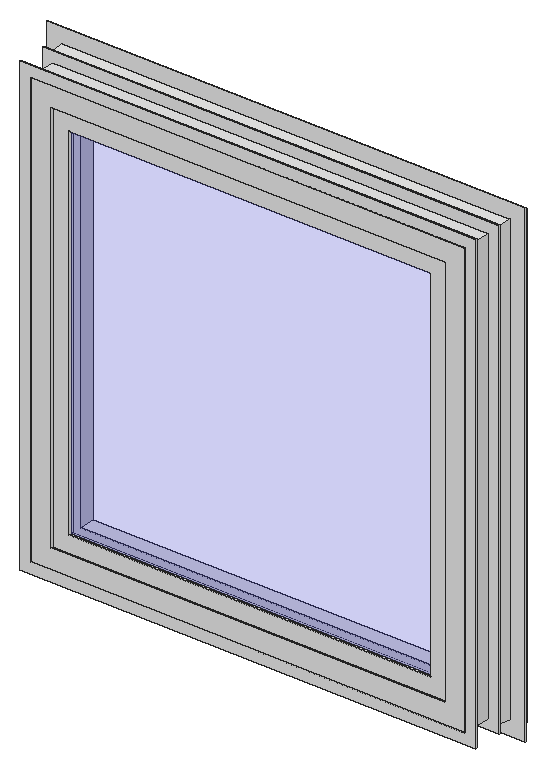
Revit family "Window-Awning-All_Weather-Series_6000", category Windows, host Wall, Revit 2026 (continued)
Definition of nested family "Detail-All_Weather-Series_6000-Awning"
  Dimensions and locks (in)
    Masking region 6 sketch curve to Masking region 6 sketch curve to Masking region 6 sketch curve to Masking region 6 sketch curve to Masking region 6 sketch curve to Masking region 6 sketch curve to Masking region 6 sketch curve to Masking region 6 sketch curve to Masking region 6 sketch curve to Masking region 6 sketch curve to Masking region 6 sketch curve to Masking region 6 sketch curve to Masking region 6 sketch curve to Masking region 6 sketch curve to Masking region 6 sketch curve to Masking region 6 sketch curve to Masking region 6 sketch curve to Masking region 6 sketch curve to Masking region 6 sketch curve to Masking region 6 sketch curve to Masking region 6 sketch curve to Masking region 6 sketch curve to Masking region 6 sketch curve to Masking region 6 sketch curve to Masking region 6 sketch curve to Masking region 6 sketch curve to Masking region 6 sketch curve to Masking region 6 sketch curve to Masking region 6 sketch curve to Masking region 6 sketch curve to Masking region 6 sketch curve to Masking region 6 sketch curve to Masking region 6 sketch curve to Masking region 6 sketch curve to Masking region 6 sketch curve to Masking region 6 sketch curve to Masking region 6 sketch curve to Masking region 6 sketch curve to Masking region 6 sketch curve to Masking region 6 sketch curve to Masking region 6 sketch curve to Masking region 6 sketch curve to Masking region 6 sketch curve to Masking region 6 sketch curve to Masking region 6 sketch curve to Masking region 6 sketch curve to Masking region 6 sketch curve to Masking region 6 sketch curve to Masking region 6 sketch curve to Masking region 6 sketch curve to Masking region 6 sketch curve to Masking region 6 sketch curve to Masking region 6 sketch curve to Masking region 6 sketch curve to Masking region 6 sketch curve to Masking region 6 sketch curve to Masking region 6 sketch curve to Masking region 6 sketch curve to Masking region 6 sketch curve to Masking region 6 sketch curve to Masking region 6 sketch curve to Masking region 6 sketch curve to Masking region 6 sketch curve to Masking region 6 sketch curve to Masking region 6 sketch curve to Masking region 6 sketch curve to Masking region 6 sketch curve to Masking region 6 sketch curve to Masking region 6 sketch curve to Masking region 6 sketch curve to Masking region 6 sketch curve to Masking region 6 sketch curve to Masking region 6 sketch curve to Masking region 6 sketch curve to Masking region 6 sketch curve to Masking region 6 sketch curve to Masking region 6 sketch curve to Masking region 6 sketch curve to Masking region 6 sketch curve to Masking region 6 sketch curve to Masking region 6 sketch curve to Masking region 6 sketch curve to Masking region 6 sketch curve to Masking region 6 sketch curve to Masking region 6 sketch curve to Masking region 6 sketch curve to Masking region 6 sketch curve to Masking region 6 sketch curve to Masking region 6 sketch curve to Masking region 6 sketch curve to Masking region 6 sketch curve to plane 7 "Back" = 0' - 0.04625" locked, 0' - 0.03875" locked, 0' - 0" locked, 0' - 0.01125" locked, 0' - 0" locked, 0' - 0.01315" locked, 0' - 0.0181" locked, 0' - 0" locked, 0' - 0.00888" locked, 0' - 0.10692" locked, 0' - 0.00021" locked, 0' - 0.02576" locked, 0' - 0.00021" locked, 0' - 0.05855" locked, 0' - 0" locked, 0' - 0.22427" locked, 0' - 0" locked, 0' - 0.01521" locked, 0' - 0.00038" locked, 0' - 0.02598" locked, 0' - 0.00165" locked, 0' - 0.10592" locked, 0' - 0" locked, 0' - 0.02639" locked, 0' - 0" locked, 0' - 0.05047" locked, 0' - 0" locked, 0' - 0.07606" locked, 0' - 0" locked, 0' - 0.00194" locked, 0' - 0" locked, 0' - 0" locked, 0' - 0.03047" locked, 0' - 0" locked, 0' - 0.04821" locked, 0' - 0" locked, 0' - 0.0196" locked, 0' - 0" locked, 0' - 0.0091" locked, 0' - 0.00268" locked, 0' - 0.02534" locked, 0' - 0.05503" locked, 0' - 0.00096" locked, 0' - 0.40561" locked, 0' - 0.00009" locked, 0' - 0.05603" locked, 0' - 0.0035" locked, 0' - 0.02075", 0' - 0.00268" locked, 0' - 0.0091" locked, 0' - 0" locked, 0' - 0.0196" locked, 0' - 0" locked, 0' - 0.04821" locked, 0' - 0" locked, 0' - 0.03047" locked, 0' - 0" locked, 0' - 0" locked, 0' - 0.00194" locked, 0' - 0" locked, 0' - 0.07606" locked, 0' - 0" locked, 0' - 0.05047" locked, 0' - 0" locked, 0' - 0.02639" locked, 0' - 0" locked, 0' - 0.10592" locked, 0' - 0.00132" locked, 0' - 0.02639" locked, 0' - 0.00029" locked, 0' - 0.01521" locked, 0' - 0" locked, 0' - 0.22427" locked, 0' - 0" locked, 0' - 0.05876" locked, 0' - 0.02576" locked, 0' - 0.00021" locked, 0' - 0.09906" locked, 0' - 0.00786" locked, 0' - 0.00888" locked, 0' - 0" locked, 0' - 0.01025" locked, 0' - 0.00786" locked, 0' - 0.01315" locked, 0' - 0" locked, 0' - 0.01125" locked, 0' - 0" locked, 0' - 0" locked, 0' - 0.03875" locked, 0' - 0.04625" locked, 0' - 0.2175" locked
    Masking region 6 sketch curve to plane 5 "Top" to Masking region 6 sketch curve to Masking region 6 sketch curve to Masking region 6 sketch curve to Masking region 6 sketch curve to Masking region 6 sketch curve to Masking region 6 sketch curve to Masking region 6 sketch curve to Masking region 6 sketch curve to Masking region 6 sketch curve to Masking region 6 sketch curve to Masking region 6 sketch curve to Masking region 6 sketch curve to Masking region 6 sketch curve to Masking region 6 sketch curve to Masking region 6 sketch curve to Masking region 6 sketch curve to Masking region 6 sketch curve to Masking region 6 sketch curve to Masking region 6 sketch curve to Masking region 6 sketch curve to Masking region 6 sketch curve to Masking region 6 sketch curve to Masking region 6 sketch curve to Masking region 6 sketch curve to Masking region 6 sketch curve to Masking region 6 sketch curve to Masking region 6 sketch curve to Masking region 6 sketch curve to Masking region 6 sketch curve to Masking region 6 sketch curve to Masking region 6 sketch curve to Masking region 6 sketch curve to Masking region 6 sketch curve to Masking region 6 sketch curve to Masking region 6 sketch curve to Masking region 6 sketch curve to Masking region 6 sketch curve to Masking region 6 sketch curve to Masking region 6 sketch curve to Masking region 6 sketch curve to Masking region 6 sketch curve to Masking region 6 sketch curve to Masking region 6 sketch curve to Masking region 6 sketch curve = 0' - 0" locked, 0' - 0.02" locked, 0' - 0.03441" locked, 0' - 0.04341" locked, 0' - 0.12412" locked, 0' - 0.01654" locked, 0' - 0.02687" locked, 0' - 0 29/128" locked, 0' - 0.05957" locked, 0' - 0.32094" locked, 0' - 0" locked, 0' - 0" locked, 0' - 0.0054" locked, 0' - 0.00301" locked, 0' - 0.02425" locked, 0' - 0.00734" locked, 0' - 0" locked, 0' - 0" locked, 0' - 0" locked, 0' - 0.02088" locked, 0' - 0.03312" locked, 0' - 0" locked, 0' - 0.03039" locked, 0' - 0.08746" locked, 0' - 0.05674" locked, 0' - 0.02409" locked, 0' - 0.05674" locked, 0' - 0.05116" locked, 0' - 0.05674" locked, 0' - 0.02409" locked, 0' - 0.05674" locked, 0' - 0.08746" locked, 0' - 0.03039" locked, 0' - 0" locked, 0' - 0.03311" locked, 0' - 0.02088" locked, 0' - 0" locked, 0' - 0" locked, 0' - 0" locked, 0' - 0.00826" locked, 0' - 0 3/128" locked, 0' - 0.00292" locked, 0' - 0.0054" locked, 0' - 0" locked, 0' - 0" locked
    plane 5 "Top" to Masking region 6 sketch curve to Masking region 6 sketch curve to Masking region 6 sketch curve to Masking region 6 sketch curve to Masking region 6 sketch curve to Masking region 6 sketch curve to Masking region 6 sketch curve to Masking region 6 sketch curve to Masking region 6 sketch curve to Masking region 6 sketch curve to Masking region 6 sketch curve to Masking region 6 sketch curve to Masking region 6 sketch curve to Masking region 6 sketch curve to Masking region 6 sketch curve to Masking region 6 sketch curve to Masking region 6 sketch curve to Masking region 6 sketch curve to Masking region 6 sketch curve to Masking region 6 sketch curve to Masking region 6 sketch curve to Masking region 6 sketch curve to Masking region 6 sketch curve to Masking region 6 sketch curve to Masking region 6 sketch curve to Masking region 6 sketch curve to Masking region 6 sketch curve to Masking region 6 sketch curve to Masking region 6 sketch curve to Masking region 6 sketch curve to Masking region 6 sketch curve to Masking region 6 sketch curve to Masking region 6 sketch curve to Masking region 6 sketch curve to Masking region 6 sketch curve to Masking region 6 sketch curve to Masking region 6 sketch curve to Masking region 6 sketch curve to Masking region 6 sketch curve to Masking region 6 sketch curve to Masking region 6 sketch curve = 0' - 0.87244" locked, 0' - 0" locked, 0' - 0" locked, 0' - 0.0054" locked, 0' - 0.00192" locked, 0' - 0.02534" locked, 0' - 0.00734" locked, 0' - 0" locked, 0' - 0" locked, 0' - 0" locked, 0' - 0.02088" locked, 0' - 0.03312" locked, 0' - 0" locked, 0' - 0.03039" locked, 0' - 0.08746" locked, 0' - 0.05674" locked, 0' - 0.02409" locked, 0' - 0.05674" locked, 0' - 0.05116" locked, 0' - 0.05674" locked, 0' - 0.02409" locked, 0' - 0.05674" locked, 0' - 0.08746" locked, 0' - 0.03039" locked, 0' - 0" locked, 0' - 0.03311" locked, 0' - 0.02089" locked, 0' - 0" locked, 0' - 0" locked, 0' - 0.00826" locked, 0' - 0 3/128" locked, 0' - 0.00292" locked, 0' - 0.0054" locked, 0' - 0" locked, 0' - 0.3235" locked, 0' - 0.05957" locked, 0' - 0.22414" locked, 0' - 0 3/64" locked, 0' - 0 15/128" locked, 0' - 0 3/64" locked, 0' - 0.05685" locked
    Masking region 8 sketch curve to Masking region 8 sketch curve to plane 10 to Masking region 8 sketch curve to Masking region 8 sketch curve to Masking region 8 sketch curve to Masking region 8 sketch curve to Masking region 8 sketch curve to Masking region 8 sketch curve to Masking region 8 sketch curve to Masking region 8 sketch curve to Masking region 8 sketch curve to Masking region 8 sketch curve to Masking region 8 sketch curve to Masking region 8 sketch curve to Masking region 8 sketch curve to Masking region 8 sketch curve to Masking region 8 sketch curve to Masking region 8 sketch curve to Masking region 8 sketch curve to Masking region 8 sketch curve to Masking region 8 sketch curve to Masking region 8 sketch curve to Masking region 8 sketch curve to Masking region 8 sketch curve to Masking region 8 sketch curve to Masking region 8 sketch curve to Masking region 8 sketch curve to Masking region 8 sketch curve to Masking region 8 sketch curve to Masking region 8 sketch curve to Masking region 8 sketch curve to Masking region 8 sketch curve to Masking region 8 sketch curve to Masking region 8 sketch curve to Masking region 8 sketch curve to Masking region 8 sketch curve to Masking region 8 sketch curve to Masking region 8 sketch curve to Masking region 8 sketch curve to Masking region 8 sketch curve to Masking region 8 sketch curve to Masking region 8 sketch curve to Masking region 8 sketch curve to Masking region 8 sketch curve to Masking region 8 sketch curve to Masking region 8 sketch curve to Masking region 8 sketch curve to Masking region 8 sketch curve to Masking region 8 sketch curve to Masking region 8 sketch curve to Masking region 8 sketch curve to Masking region 8 sketch curve to Masking region 8 sketch curve to Masking region 8 sketch curve to Masking region 8 sketch curve to Masking region 8 sketch curve to Masking region 8 sketch curve to Masking region 8 sketch curve to Masking region 8 sketch curve to Masking region 8 sketch curve to Masking region 8 sketch curve to Masking region 8 sketch curve to Masking region 8 sketch curve to Masking region 8 sketch curve to Masking region 8 sketch curve to Masking region 8 sketch curve to Masking region 8 sketch curve to Masking region 8 sketch curve to Masking region 8 sketch curve to Masking region 8 sketch curve to Masking region 8 sketch curve to Masking region 8 sketch curve to Masking region 8 sketch curve to Masking region 8 sketch curve to Masking region 8 sketch curve to Masking region 8 sketch curve to Masking region 8 sketch curve to Masking region 8 sketch curve to Masking region 8 sketch curve to Masking region 8 sketch curve to Masking region 8 sketch curve to Masking region 8 sketch curve to Masking region 8 sketch curve to Masking region 8 sketch curve to Masking region 8 sketch curve to Masking region 8 sketch curve to Masking region 8 sketch curve to Masking region 8 sketch curve to Masking region 8 sketch curve to Masking region 8 sketch curve to Masking region 8 sketch curve = 0' - 0.062" locked, 0' - 0.16066" locked, 0' - 0.06354" locked, 0' - 0.65646" locked, 0' - 0" locked, 0' - 0 1/16" locked, 0' - 0.0225" locked, 0' - 0.0244" locked, 0' - 0.02698" locked, 0' - 0.10692" locked, 0' - 0.00021" locked, 0' - 0.02576" locked, 0' - 0.00021" locked, 0' - 0.05855" locked, 0' - 0" locked, 0' - 0.22427" locked, 0' - 0" locked, 0' - 0.01521" locked, 0' - 0.00038" locked, 0' - 0.02598" locked, 0' - 0.00165" locked, 0' - 0.10592" locked, 0' - 0" locked, 0' - 0.02639" locked, 0' - 0" locked, 0' - 0.05047" locked, 0' - 0" locked, 0' - 0.07606" locked, 0' - 0" locked, 0' - 0.00194" locked, 0' - 0" locked, 0' - 0" locked, 0' - 0.03047" locked, 0' - 0" locked, 0' - 0.04821" locked, 0' - 0" locked, 0' - 0.0196" locked, 0' - 0" locked, 0' - 0.0091" locked, 0' - 0.00268" locked, 0' - 0.02534" locked, 0' - 0.05503" locked, 0' - 0.00096" locked, 0' - 0.40561" locked, 0' - 0.00009" locked, 0' - 0.05603" locked, 0' - 0.0035" locked, 0' - 0.02075" locked, 0' - 0.00268" locked, 0' - 0.0091" locked, 0' - 0" locked, 0' - 0.0196" locked, 0' - 0" locked, 0' - 0.04821" locked, 0' - 0" locked, 0' - 0.03047" locked, 0' - 0" locked, 0' - 0" locked, 0' - 0.00194" locked, 0' - 0" locked, 0' - 0.07606" locked, 0' - 0" locked, 0' - 0.05047" locked, 0' - 0" locked, 0' - 0.02639" locked, 0' - 0" locked, 0' - 0.10592" locked, 0' - 0.00132" locked, 0' - 0.02639" locked, 0' - 0.00029" locked, 0' - 0.01521" locked, 0' - 0" locked, 0' - 0.22427" locked, 0' - 0" locked, 0' - 0.05855" locked, 0' - 0.00021" locked, 0' - 0.02576" locked, 0' - 0.00021" locked, 0' - 0.09906" locked, 0' - 0.00786" locked, 0' - 0.00888" locked, 0' - 0" locked, 0' - 0.01025" locked, 0' - 0.00786" locked, 0' - 0.01315" locked, 0' - 0" locked, 0' - 0.01125" locked, 0' - 0" locked, 0' - 0" locked, 0' - 0.03875" locked, 0' - 0.04109" locked
    Masking region 8 sketch curve to Masking region 8 sketch curve to Masking region 8 sketch curve to Masking region 8 sketch curve to Masking region 8 sketch curve to Masking region 8 sketch curve to Masking region 8 sketch curve to Masking region 8 sketch curve to Masking region 8 sketch curve to Masking region 8 sketch curve to Masking region 8 sketch curve to Masking region 8 sketch curve to Masking region 8 sketch curve to Masking region 8 sketch curve to Masking region 8 sketch curve to Masking region 8 sketch curve to Masking region 8 sketch curve to Masking region 8 sketch curve to Masking region 8 sketch curve to Masking region 8 sketch curve to Masking region 8 sketch curve to Masking region 8 sketch curve to Masking region 8 sketch curve to Masking region 8 sketch curve to Masking region 8 sketch curve to Masking region 8 sketch curve to Masking region 8 sketch curve to Masking region 8 sketch curve to Masking region 8 sketch curve to Masking region 8 sketch curve to Masking region 8 sketch curve to Masking region 8 sketch curve to Masking region 8 sketch curve to Masking region 8 sketch curve to Masking region 8 sketch curve to Masking region 8 sketch curve to Masking region 8 sketch curve to Masking region 8 sketch curve to Masking region 8 sketch curve to Masking region 8 sketch curve to Masking region 8 sketch curve to Masking region 8 sketch curve to Masking region 8 sketch curve to Masking region 8 sketch curve to Masking region 8 sketch curve to plane 1 "Center (Front/Back)" = 0' - 0.02" locked, 0' - 0.03441" locked, 0' - 0.04341" locked, 0' - 0.12412" locked, 0' - 0.01654" locked, 0' - 0.02687" locked, 0' - 0 29/128" locked, 0' - 0.05957" locked, 0' - 0.32094" locked, 0' - 0" locked, 0' - 0" locked, 0' - 0.0054" locked, 0' - 0.00301" locked, 0' - 0.02425" locked, 0' - 0.00734" locked, 0' - 0" locked, 0' - 0" locked, 0' - 0" locked, 0' - 0.02088" locked, 0' - 0.03312" locked, 0' - 0" locked, 0' - 0.03039" locked, 0' - 0.08746" locked, 0' - 0.05674" locked, 0' - 0.02409" locked, 0' - 0.05674" locked, 0' - 0.05116" locked, 0' - 0.05674" locked, 0' - 0.02409" locked, 0' - 0.05674" locked, 0' - 0.08746" locked, 0' - 0.03039" locked, 0' - 0" locked, 0' - 0.03311" locked, 0' - 0.02088" locked, 0' - 0" locked, 0' - 0" locked, 0' - 0" locked, 0' - 0.00826" locked, 0' - 0 3/128" locked, 0' - 0.00292" locked, 0' - 0.0054" locked, 0' - 0" locked, 0' - 0" locked, 0' - 1.12366" locked
    Masking region 8 sketch curve to Masking region 8 sketch curve to Masking region 8 sketch curve to Masking region 8 sketch curve to Masking region 8 sketch curve to Masking region 8 sketch curve to Masking region 8 sketch curve to Masking region 8 sketch curve to Masking region 8 sketch curve to Masking region 8 sketch curve to Masking region 8 sketch curve to Masking region 8 sketch curve to Masking region 8 sketch curve to Masking region 8 sketch curve to Masking region 8 sketch curve to Masking region 8 sketch curve to Masking region 8 sketch curve to Masking region 8 sketch curve to Masking region 8 sketch curve to Masking region 8 sketch curve to Masking region 8 sketch curve to Masking region 8 sketch curve to Masking region 8 sketch curve to Masking region 8 sketch curve to Masking region 8 sketch curve to Masking region 8 sketch curve to Masking region 8 sketch curve to Masking region 8 sketch curve to Masking region 8 sketch curve to Masking region 8 sketch curve to Masking region 8 sketch curve to Masking region 8 sketch curve to Masking region 8 sketch curve to Masking region 8 sketch curve to Masking region 8 sketch curve to Masking region 8 sketch curve to Masking region 8 sketch curve to Masking region 8 sketch curve to Masking region 8 sketch curve to Masking region 8 sketch curve to plane 1 "Center (Front/Back)" = 0' - 0" locked, 0' - 0" locked, 0' - 0.0054" locked, 0' - 0.00192" locked, 0' - 0.02534" locked, 0' - 0.00734" locked, 0' - 0" locked, 0' - 0" locked, 0' - 0" locked, 0' - 0.02088" locked, 0' - 0.03312" locked, 0' - 0" locked, 0' - 0.03039" locked, 0' - 0.08746" locked, 0' - 0.05674" locked, 0' - 0.02409" locked, 0' - 0.05674" locked, 0' - 0.05116" locked, 0' - 0.05674" locked, 0' - 0.02409" locked, 0' - 0.05674" locked, 0' - 0.05585" locked, 0' - 0.03161" locked, 0' - 0.03039" locked, 0' - 0" locked, 0' - 0.00024" locked, 0' - 0.02023" locked, 0' - 0.01264" locked, 0' - 0.02089" locked, 0' - 0" locked, 0' - 0" locked, 0' - 0.00826" locked, 0' - 0.01503" locked, 0' - 0.0084" locked, 0' - 0.00832" locked, 0' - 0" locked, 0' - 0.17654" locked, 0' - 0.062" locked, 0' - 0.88512" locked, 0' - 0" locked
    Masking region 4 sketch curve to plane 1 "Center (Front/Back)" to Masking region 4 sketch curve = 0' - 0" locked, 0' - 1.12366" locked
    Masking region 4 sketch curve to plane 10 to Masking region 4 sketch curve to Masking region 4 sketch curve = 0' - 0.21771" locked, 0' - 0.7825" locked, 0' - 2 7/16" locked
    plane 5 "Top" to Masking region 7 sketch curve to Masking region 7 sketch curve to Masking region 7 sketch curve to Masking region 7 sketch curve to Masking region 7 sketch curve to Masking region 7 sketch curve to Masking region 7 sketch curve to Masking region 7 sketch curve to Masking region 7 sketch curve to Masking region 7 sketch curve to Masking region 7 sketch curve to Masking region 7 sketch curve to Masking region 7 sketch curve to Masking region 7 sketch curve to Masking region 7 sketch curve to Masking region 7 sketch curve = 0' - 0.88411" locked, 0' - 0.0653" locked, 0' - 0" locked, 0' - 0.00557" locked, 0' - 0.05524" locked, 0' - 0" locked, 0' - 0.13082" locked, 0' - 0" locked, 0' - 0.21282" locked, 0' - 0" locked, 0' - 0.13082" locked, 0' - 0" locked, 0' - 0.05524" locked, 0' - 0.00557" locked, 0' - 0" locked, 0' - 0.0653" locked
    Masking region 7 sketch curve to Masking region 7 sketch curve to Masking region 7 sketch curve to Masking region 7 sketch curve to Masking region 7 sketch curve to Masking region 7 sketch curve to Masking region 7 sketch curve to Masking region 7 sketch curve to Masking region 7 sketch curve to Masking region 7 sketch curve to Masking region 7 sketch curve to Masking region 7 sketch curve to Masking region 7 sketch curve to Masking region 7 sketch curve to Masking region 7 sketch curve to Masking region 7 sketch curve to plane 7 "Back" = 0' - 0" locked, 0' - 0 7/64" locked, 0' - 0" locked, 0' - 0.10582" locked, 0' - 0" locked, 0' - 0.10707" locked, 0' - 0" locked, 0' - 0.14289" locked, 0' - 0" locked, 0' - 0.10707" locked, 0' - 0" locked, 0' - 0.10582" locked, 0' - 0" locked, 0' - 0 7/64" locked, 0' - 0" locked, 0' - 1.0738" locked
    plane 5 "Top" to Masking region 10 sketch curve to Masking region 10 sketch curve to Masking region 10 sketch curve to Masking region 10 sketch curve to Masking region 10 sketch curve to Masking region 10 sketch curve to Masking region 10 sketch curve to Masking region 10 sketch curve to Masking region 10 sketch curve to Masking region 10 sketch curve to Masking region 10 sketch curve to Masking region 10 sketch curve to Masking region 10 sketch curve to Masking region 10 sketch curve to Masking region 10 sketch curve to Masking region 10 sketch curve = 0' - 2.26301" locked, 0' - 0.0653" locked, 0' - 0" locked, 0' - 0.00557" locked, 0' - 0.05524" locked, 0' - 0" locked, 0' - 0.13082" locked, 0' - 0" locked, 0' - 0.21282" locked, 0' - 0" locked, 0' - 0.13082" locked, 0' - 0" locked, 0' - 0.05524" locked, 0' - 0.00557" locked, 0' - 0" locked, 0' - 0.0653" locked
    Masking region 10 sketch curve to Masking region 10 sketch curve to Masking region 10 sketch curve to Masking region 10 sketch curve to Masking region 10 sketch curve to Masking region 10 sketch curve to Masking region 10 sketch curve to Masking region 10 sketch curve to Masking region 10 sketch curve to Masking region 10 sketch curve to Masking region 10 sketch curve to Masking region 10 sketch curve to Masking region 10 sketch curve to Masking region 10 sketch curve to Masking region 10 sketch curve to Masking region 10 sketch curve to plane 7 "Back" = 0' - 0" locked, 0' - 0 7/64", 0' - 0" locked, 0' - 0.10582" locked, 0' - 0" locked, 0' - 0.10707" locked, 0' - 0" locked, 0' - 0.14289" locked, 0' - 0" locked, 0' - 0.10707" locked, 0' - 0" locked, 0' - 0.10582" locked, 0' - 0" locked, 0' - 0 7/64" locked, 0' - 0" locked, 0' - 0.85114" locked
    Masking region 5 sketch curve to plane 5 "Top" to Masking region 5 sketch curve to Masking region 5 sketch curve to Masking region 5 sketch curve to Masking region 5 sketch curve to Masking region 5 sketch curve to Masking region 5 sketch curve to Masking region 5 sketch curve to Masking region 5 sketch curve to Masking region 5 sketch curve to Masking region 5 sketch curve to Masking region 5 sketch curve to Masking region 5 sketch curve to Masking region 5 sketch curve to Masking region 5 sketch curve to Masking region 5 sketch curve to Masking region 5 sketch curve to Masking region 5 sketch curve to Masking region 5 sketch curve to Masking region 5 sketch curve to Masking region 5 sketch curve to Masking region 5 sketch curve to Masking region 5 sketch curve = 0' - 0" locked, 0' - 0.055" locked, 0' - 0.00749" locked, 0' - 0.24256" locked, 0' - 0.00658" locked, 0' - 0.29943" locked, 0' - 0.00569" locked, 0' - 0.05382" locked, 0' - 0.07617" locked, 0' - 0.05382" locked, 0' - 0.00228" locked, 0' - 0.00341" locked, 0' - 0.00269" locked, 0' - 0.04371" locked, 0' - 0.00178" locked, 0' - 0.01801" locked, 0' - 0.01188" locked, 0' - 0.02171" locked, 0' - 0.00352" locked, 0' - 0.00288" locked, 0' - 0.01779" locked, 0' - 0.01904" locked, 0' - 0.00321" locked
    plane 10 to Masking region 5 sketch curve to Masking region 5 sketch curve to Masking region 5 sketch curve to Masking region 5 sketch curve to Masking region 5 sketch curve to Masking region 5 sketch curve to Masking region 5 sketch curve to Masking region 5 sketch curve to Masking region 5 sketch curve to Masking region 5 sketch curve to Masking region 5 sketch curve to Masking region 5 sketch curve to Masking region 5 sketch curve to Masking region 5 sketch curve to Masking region 5 sketch curve to Masking region 5 sketch curve to Masking region 5 sketch curve to Masking region 5 sketch curve to Masking region 5 sketch curve to Masking region 5 sketch curve = 0' - 0.49734" locked, 0' - 0.05499" locked, 0' - 0.05529" locked, 0' - 0.00596" locked, 0' - 0.00847" locked, 0' - 0.02138" locked, 0' - 0.01235" locked, 0' - 0.01785" locked, 0' - 0.00277" locked, 0' - 0.47422" locked, 0' - 0.04233" locked, 0' - 0.0018" locked, 0' - 0.01087" locked, 0' - 0.07002" locked, 0' - 0.22285" locked, 0' - 0.05877" locked, 0' - 0.01" locked, 0' - 0.024" locked, 0' - 0.031" locked, 0' - 0" locked
    Masking region 9 sketch curve to Masking region 9 sketch curve to Masking region 9 sketch curve to Masking region 9 sketch curve to Masking region 9 sketch curve to Masking region 9 sketch curve to Masking region 9 sketch curve to Masking region 9 sketch curve to Masking region 9 sketch curve to Masking region 9 sketch curve to Masking region 9 sketch curve to Masking region 9 sketch curve to plane 4 "Glass Intersection" = 0' - 0.00809" locked, 0' - 0.07458" locked, 0' - 0.03709" locked, 0' - 0.07533" locked, 0' - 0.00809" locked, 0' - 0.59645" locked, 0' - 0.00857" locked, 0' - 0.07533" locked, 0' - 0.03709" locked, 0' - 0.07458" locked, 0' - 0.00789" locked, 0' - 0.76111" locked
    plane 10 to Masking region 9 sketch curve to Masking region 9 sketch curve to Masking region 9 sketch curve to Masking region 9 sketch curve to Masking region 9 sketch curve to Masking region 9 sketch curve to Masking region 9 sketch curve to Masking region 9 sketch curve to Masking region 9 sketch curve to Masking region 9 sketch curve to Masking region 9 sketch curve to Masking region 9 sketch curve = 0' - 0.54359" locked, 0' - 0.0339" locked, 0' - 0" locked, 0' - 0.04735" locked, 0' - 0" locked, 0' - 0.09" locked, 0' - 2.28722" locked, 0' - 0.09044" locked, 0' - 0" locked, 0' - 0.04735" locked, 0' - 0" locked, 0' - 0.0339" locked
    Masking region 11 sketch curve to Masking region 11 sketch curve to Masking region 11 sketch curve to Masking region 11 sketch curve to Masking region 11 sketch curve to Masking region 11 sketch curve to Masking region 11 sketch curve to Masking region 11 sketch curve to Masking region 11 sketch curve to Masking region 11 sketch curve to Masking region 11 sketch curve to Masking region 11 sketch curve to Masking region 11 sketch curve to Masking region 11 sketch curve to Masking region 11 sketch curve to Masking region 11 sketch curve to Masking region 11 sketch curve to Masking region 11 sketch curve to Masking region 11 sketch curve to Masking region 11 sketch curve to Masking region 11 sketch curve to Masking region 11 sketch curve to Masking region 11 sketch curve to Masking region 11 sketch curve to Masking region 11 sketch curve to Masking region 11 sketch curve to Masking region 11 sketch curve to Masking region 11 sketch curve to Masking region 11 sketch curve to Masking region 11 sketch curve to Masking region 11 sketch curve to Masking region 11 sketch curve to Masking region 11 sketch curve to Masking region 11 sketch curve to Masking region 11 sketch curve to Masking region 11 sketch curve to Masking region 11 sketch curve to Masking region 11 sketch curve to Masking region 11 sketch curve to Masking region 11 sketch curve to Masking region 11 sketch curve to Masking region 11 sketch curve to Masking region 11 sketch curve to Masking region 11 sketch curve to plane 7 "Back" = 0' - 0.22191" locked, 0' - 0" locked, 0' - 0.0333" locked, 0' - 0" locked, 0' - 0.02653" locked, 0' - 0" locked, 0' - 0.03427" locked, 0' - 0" locked, 0' - 0.02017" locked, 0' - 0" locked, 0' - 0.04494" locked, 0' - 0" locked, 0' - 0.02017" locked, 0' - 0" locked, 0' - 0.03427" locked, 0' - 0" locked, 0' - 0.02653" locked, 0' - 0" locked, 0' - 0.0333" locked, 0' - 0" locked, 0' - 0.21391" locked, 0' - 0.9274" locked, 0' - 0.21391" locked, 0' - 0" locked, 0' - 0.0333" locked, 0' - 0" locked, 0' - 0.02653" locked, 0' - 0" locked, 0' - 0.03427" locked, 0' - 0" locked, 0' - 0.02017" locked, 0' - 0" locked, 0' - 0.04494" locked, 0' - 0" locked, 0' - 0.02017" locked, 0' - 0" locked, 0' - 0.03427" locked, 0' - 0" locked, 0' - 0.02653" locked, 0' - 0" locked, 0' - 0.0333" locked, 0' - 0" locked, 0' - 0.22191" locked, 0' - 0.2945" locked
    Masking region 11 sketch curve to Masking region 11 sketch curve to Masking region 11 sketch curve to Masking region 11 sketch curve to Masking region 11 sketch curve to Masking region 11 sketch curve to Masking region 11 sketch curve to Masking region 11 sketch curve to Masking region 11 sketch curve to Masking region 11 sketch curve to Masking region 11 sketch curve to Masking region 11 sketch curve to Masking region 11 sketch curve to Masking region 11 sketch curve to Masking region 11 sketch curve to Masking region 11 sketch curve to Masking region 11 sketch curve to Masking region 11 sketch curve to Masking region 11 sketch curve to Masking region 11 sketch curve to Masking region 11 sketch curve to Masking region 11 sketch curve to Masking region 11 sketch curve to Masking region 11 sketch curve to Masking region 11 sketch curve to Masking region 11 sketch curve to Masking region 11 sketch curve to Masking region 11 sketch curve to Masking region 11 sketch curve to Masking region 11 sketch curve to Masking region 11 sketch curve to Masking region 11 sketch curve to Masking region 11 sketch curve to Masking region 11 sketch curve to Masking region 11 sketch curve to Masking region 11 sketch curve to plane 4 "Glass Intersection" = 0' - 0" locked, 0' - 0.06286" locked, 0' - 0" locked, 0' - 0" locked, 0' - 0" locked, 0' - 0.01514" locked, 0' - 0" locked, 0' - 0" locked, 0' - 0" locked, 0' - 0.06184" locked, 0' - 0" locked, 0' - 0" locked, 0' - 0" locked, 0' - 0 1/32" locked, 0' - 0" locked, 0' - 0" locked, 0' - 0" locked, 0' - 0.25183" locked, 0' - 0" locked, 0' - 0" locked, 0' - 0" locked, 0' - 0 1/32" locked, 0' - 0" locked, 0' - 0" locked, 0' - 0" locked, 0' - 0.06184" locked, 0' - 0" locked, 0' - 0" locked, 0' - 0" locked, 0' - 0.01514" locked, 0' - 0" locked, 0' - 0" locked, 0' - 0" locked, 0' - 0.06286" locked, 0' - 0" locked, 0' - 0.27794" locked
    Masking region 12 sketch curve to Masking region 12 sketch curve to Masking region 12 sketch curve to plane 3 "Center (Left/Right)" to Masking region 12 sketch curve to Masking region 12 sketch curve to Masking region 12 sketch curve to Masking region 12 sketch curve to Masking region 12 sketch curve to Masking region 12 sketch curve to Masking region 12 sketch curve to Masking region 12 sketch curve to Masking region 12 sketch curve to Masking region 12 sketch curve to Masking region 12 sketch curve to Masking region 12 sketch curve to Masking region 12 sketch curve to Masking region 12 sketch curve to Masking region 12 sketch curve to Masking region 12 sketch curve to Masking region 12 sketch curve to Masking region 12 sketch curve to Masking region 12 sketch curve to Masking region 12 sketch curve to Masking region 12 sketch curve to Masking region 12 sketch curve to Masking region 12 sketch curve to Masking region 12 sketch curve to Masking region 12 sketch curve to Masking region 12 sketch curve to Masking region 12 sketch curve to Masking region 12 sketch curve to Masking region 12 sketch curve to Masking region 12 sketch curve to Masking region 12 sketch curve to Masking region 12 sketch curve to Masking region 12 sketch curve to Masking region 12 sketch curve to Masking region 12 sketch curve to Masking region 12 sketch curve to Masking region 12 sketch curve to Masking region 12 sketch curve to Masking region 12 sketch curve to Masking region 12 sketch curve to Masking region 12 sketch curve = 0' - 0.22191" locked, 0' - 0" locked, 0' - 0.01625" locked, 0' - 0.01705" locked, 0' - 0" locked, 0' - 0.02653" locked, 0' - 0" locked, 0' - 0.03427" locked, 0' - 0" locked, 0' - 0.02017" locked, 0' - 0" locked, 0' - 0.04494" locked, 0' - 0" locked, 0' - 0.02017" locked, 0' - 0" locked, 0' - 0.03427" locked, 0' - 0" locked, 0' - 0.02653" locked, 0' - 0" locked, 0' - 0.0333" locked, 0' - 0" locked, 0' - 0.21391" locked, 0' - 0.9274" locked, 0' - 0.21391" locked, 0' - 0" locked, 0' - 0.0333" locked, 0' - 0" locked, 0' - 0.02653" locked, 0' - 0" locked, 0' - 0.03427" locked, 0' - 0" locked, 0' - 0.02017" locked, 0' - 0" locked, 0' - 0.04494" locked, 0' - 0" locked, 0' - 0.02017" locked, 0' - 0" locked, 0' - 0.03427" locked, 0' - 0" locked, 0' - 0.02653" locked, 0' - 0" locked, 0' - 0.0333" locked, 0' - 0" locked, 0' - 0.22191" locked
    Masking region 12 sketch curve to Masking region 12 sketch curve to Masking region 12 sketch curve to Masking region 12 sketch curve to Masking region 12 sketch curve to Masking region 12 sketch curve to Masking region 12 sketch curve to Masking region 12 sketch curve to Masking region 12 sketch curve to Masking region 12 sketch curve to Masking region 12 sketch curve to Masking region 12 sketch curve to Masking region 12 sketch curve to Masking region 12 sketch curve to Masking region 12 sketch curve to Masking region 12 sketch curve to Masking region 12 sketch curve to Masking region 12 sketch curve to Masking region 12 sketch curve to Masking region 12 sketch curve to Masking region 12 sketch curve to Masking region 12 sketch curve to Masking region 12 sketch curve to Masking region 12 sketch curve to Masking region 12 sketch curve to Masking region 12 sketch curve to Masking region 12 sketch curve to Masking region 12 sketch curve to Masking region 12 sketch curve to Masking region 12 sketch curve to Masking region 12 sketch curve to Masking region 12 sketch curve to Masking region 12 sketch curve to Masking region 12 sketch curve to Masking region 12 sketch curve to Masking region 12 sketch curve to plane 4 "Glass Intersection" = 0' - 0" locked, 0' - 0.06286" locked, 0' - 0" locked, 0' - 0" locked, 0' - 0" locked, 0' - 0.01514" locked, 0' - 0" locked, 0' - 0" locked, 0' - 0" locked, 0' - 0.06184" locked, 0' - 0" locked, 0' - 0" locked, 0' - 0" locked, 0' - 0 1/32" locked, 0' - 0" locked, 0' - 0" locked, 0' - 0" locked, 0' - 0.25183" locked, 0' - 0" locked, 0' - 0" locked, 0' - 0" locked, 0' - 0 1/32" locked, 0' - 0" locked, 0' - 0" locked, 0' - 0" locked, 0' - 0.06184" locked, 0' - 0" locked, 0' - 0" locked, 0' - 0" locked, 0' - 0.01514" locked, 0' - 0" locked, 0' - 0" locked, 0' - 0" locked, 0' - 0.06286" locked, 0' - 0" locked, 0' - 1.65684" locked
    locked: plane 11 "Nail Fin" to plane 3 "Center (Left/Right)" at 0.31516
    locked: plane 1 "Center (Front/Back)" to plane 12 "Bottom of Frame" at 1.12366
    Masking region 13 sketch curve to Masking region 13 sketch curve to Masking region 13 sketch curve to Masking region 13 sketch curve to Masking region 13 sketch curve to Masking region 13 sketch curve to Masking region 13 sketch curve to Masking region 13 sketch curve to Masking region 13 sketch curve to Masking region 13 sketch curve to Masking region 13 sketch curve to Masking region 13 sketch curve to Masking region 13 sketch curve to Masking region 13 sketch curve to Masking region 13 sketch curve to Masking region 13 sketch curve to Masking region 13 sketch curve to Masking region 13 sketch curve to Masking region 13 sketch curve to Masking region 13 sketch curve to Masking region 13 sketch curve to Masking region 13 sketch curve to Masking region 13 sketch curve to Masking region 13 sketch curve to Masking region 13 sketch curve to Masking region 13 sketch curve to Masking region 13 sketch curve to Masking region 13 sketch curve to Masking region 13 sketch curve to Masking region 13 sketch curve to Masking region 13 sketch curve to Masking region 13 sketch curve to Masking region 13 sketch curve to Masking region 13 sketch curve to Masking region 13 sketch curve to Masking region 13 sketch curve to Masking region 13 sketch curve to Masking region 13 sketch curve to Masking region 13 sketch curve to Masking region 13 sketch curve to Masking region 13 sketch curve to Masking region 13 sketch curve to Masking region 13 sketch curve to Masking region 13 sketch curve to Masking region 13 sketch curve to Masking region 13 sketch curve to Masking region 13 sketch curve to Masking region 13 sketch curve to Masking region 13 sketch curve to Masking region 13 sketch curve to Masking region 13 sketch curve to Masking region 13 sketch curve to Masking region 13 sketch curve to Masking region 13 sketch curve to Masking region 13 sketch curve to Masking region 13 sketch curve to Masking region 13 sketch curve to Masking region 13 sketch curve to Masking region 13 sketch curve to Masking region 13 sketch curve to Masking region 13 sketch curve to Masking region 13 sketch curve to Masking region 13 sketch curve to Masking region 13 sketch curve to Masking region 13 sketch curve to Masking region 13 sketch curve to Masking region 13 sketch curve to Masking region 13 sketch curve to Masking region 13 sketch curve to Masking region 13 sketch curve to Masking region 13 sketch curve to Masking region 13 sketch curve to Masking region 13 sketch curve to Masking region 13 sketch curve to Masking region 13 sketch curve to Masking region 13 sketch curve to Masking region 13 sketch curve to Masking region 13 sketch curve to Masking region 13 sketch curve to Masking region 13 sketch curve to Masking region 13 sketch curve to Masking region 13 sketch curve to Masking region 13 sketch curve to Masking region 13 sketch curve to Masking region 13 sketch curve to Masking region 13 sketch curve to Masking region 13 sketch curve to Masking region 13 sketch curve to Masking region 13 sketch curve to Masking region 13 sketch curve to Masking region 13 sketch curve to Masking region 13 sketch curve to Masking region 13 sketch curve to Masking region 13 sketch curve to Masking region 13 sketch curve to Masking region 13 sketch curve to Masking region 13 sketch curve to Masking region 13 sketch curve to Masking region 13 sketch curve to plane 7 "Back" to Masking region 13 sketch curve = 0' - 0.062" locked, 0' - 0.938" locked, 0' - 0.062" locked, 0' - 1.43709" locked, 0' - 0.00091" locked, 0' - 0.04625" locked, 0' - 0.03784" locked, 0' - 0.00091" locked, 0' - 0.01125" locked, 0' - 0" locked, 0' - 0.01224" locked, 0' - 0.01901" locked, 0' - 0" locked, 0' - 0.00797" locked, 0' - 0.10692" locked, 0' - 0.00021" locked, 0' - 0.02576" locked, 0' - 0.00021" locked, 0' - 0.05855" locked, 0' - 0" locked, 0' - 0.22427" locked, 0' - 0" locked, 0' - 0.01521" locked, 0' - 0.00038" locked, 0' - 0.02598" locked, 0' - 0.00165" locked, 0' - 0.10592" locked, 0' - 0" locked, 0' - 0.02639" locked, 0' - 0" locked, 0' - 0.05047" locked, 0' - 0" locked, 0' - 0.07606" locked, 0' - 0" locked, 0' - 0.00194" locked, 0' - 0" locked, 0' - 0" locked, 0' - 0.03047" locked, 0' - 0" locked, 0' - 0.04821" locked, 0' - 0" locked, 0' - 0.0196" locked, 0' - 0" locked, 0' - 0.0091" locked, 0' - 0.00268" locked, 0' - 0.02534" locked, 0' - 0.05503" locked, 0' - 0.00096" locked, 0' - 0.40561" locked, 0' - 0.00009" locked, 0' - 0.05603" locked, 0' - 0.0035" locked, 0' - 0.02075" locked, 0' - 0.00268" locked, 0' - 0.0091" locked, 0' - 0" locked, 0' - 0.0196" locked, 0' - 0" locked, 0' - 0.04821" locked, 0' - 0" locked, 0' - 0.03047" locked, 0' - 0" locked, 0' - 0" locked, 0' - 0.00194" locked, 0' - 0" locked, 0' - 0.07606" locked, 0' - 0" locked, 0' - 0.05047" locked, 0' - 0" locked, 0' - 0.02639" locked, 0' - 0" locked, 0' - 0.10592" locked, 0' - 0.00132" locked, 0' - 0.02639" locked, 0' - 0.00029" locked, 0' - 0.01521" locked, 0' - 0" locked, 0' - 0.22427" locked, 0' - 0" locked, 0' - 0.05855" locked, 0' - 0.00021" locked, 0' - 0.02576" locked, 0' - 0.00021" locked, 0' - 0.09906" locked, 0' - 0.01582" locked, 0' - 0" locked, 0' - 0.00091" locked, 0' - 0" locked, 0' - 0.01025" locked, 0' - 0.02009" locked, 0' - 0" locked, 0' - 0.00091" locked, 0' - 0" locked, 0' - 0.01034" locked, 0' - 0.00091" locked, 0' - 0" locked, 0' - 0.03784" locked, 0' - 0.00091" locked, 0' - 0.04109" locked, 0' - 0.00516" locked
    Masking region 13 sketch curve to Masking region 13 sketch curve to Masking region 13 sketch curve to Masking region 13 sketch curve to Masking region 13 sketch curve to Masking region 13 sketch curve to Masking region 13 sketch curve to Masking region 13 sketch curve to Masking region 13 sketch curve to Masking region 13 sketch curve to Masking region 13 sketch curve to Masking region 13 sketch curve to Masking region 13 sketch curve to Masking region 13 sketch curve to Masking region 13 sketch curve to Masking region 13 sketch curve to Masking region 13 sketch curve to Masking region 13 sketch curve to Masking region 13 sketch curve to Masking region 13 sketch curve to Masking region 13 sketch curve to Masking region 13 sketch curve to Masking region 13 sketch curve to Masking region 13 sketch curve to Masking region 13 sketch curve to Masking region 13 sketch curve to Masking region 13 sketch curve to Masking region 13 sketch curve to Masking region 13 sketch curve to Masking region 13 sketch curve to Masking region 13 sketch curve to Masking region 13 sketch curve to Masking region 13 sketch curve to Masking region 13 sketch curve to Masking region 13 sketch curve to Masking region 13 sketch curve to Masking region 13 sketch curve to Masking region 13 sketch curve to Masking region 13 sketch curve to Masking region 13 sketch curve to Masking region 13 sketch curve to Masking region 13 sketch curve to Masking region 13 sketch curve to Masking region 13 sketch curve to Masking region 13 sketch curve to Masking region 13 sketch curve to Masking region 13 sketch curve to Masking region 13 sketch curve to Masking region 13 sketch curve to Masking region 13 sketch curve = 0' - 0.02" locked, 0' - 0.03441" locked, 0' - 0.04341" locked, 0' - 0.12412" locked, 0' - 0.01654" locked, 0' - 0.02687" locked, 0' - 0 29/128" locked, 0' - 0.05957" locked, 0' - 0.32094" locked, 0' - 0" locked, 0' - 0" locked, 0' - 0.0054" locked, 0' - 0.00301" locked, 0' - 0.02425" locked, 0' - 0.00734" locked, 0' - 0" locked, 0' - 0" locked, 0' - 0" locked, 0' - 0.02088" locked, 0' - 0.03312" locked, 0' - 0" locked, 0' - 0.03039" locked, 0' - 0.08746" locked, 0' - 0.05674" locked, 0' - 0.02409" locked, 0' - 0.05674" locked, 0' - 0.05116" locked, 0' - 0.05674" locked, 0' - 0.02409" locked, 0' - 0.05674" locked, 0' - 0.08746" locked, 0' - 0.03039" locked, 0' - 0" locked, 0' - 0.03311" locked, 0' - 0.02089" locked, 0' - 0" locked, 0' - 0" locked, 0' - 0.00826" locked, 0' - 0 3/128" locked, 0' - 0.00292" locked, 0' - 0.0054" locked, 0' - 0" locked, 0' - 0.31703" locked, 0' - 0.07006" locked, 0' - 0.21609" locked, 0' - 0.04553" locked, 0' - 0.11756" locked, 0' - 0.04785" locked, 0' - 0.05698" locked
    Masking region 13 sketch curve to Masking region 13 sketch curve to Masking region 13 sketch curve to Masking region 13 sketch curve to Masking region 13 sketch curve to Masking region 13 sketch curve to Masking region 13 sketch curve to Masking region 13 sketch curve to Masking region 13 sketch curve to Masking region 13 sketch curve to Masking region 13 sketch curve to Masking region 13 sketch curve to Masking region 13 sketch curve to Masking region 13 sketch curve to Masking region 13 sketch curve to Masking region 13 sketch curve to Masking region 13 sketch curve to Masking region 13 sketch curve to Masking region 13 sketch curve to Masking region 13 sketch curve to Masking region 13 sketch curve to Masking region 13 sketch curve to Masking region 13 sketch curve to Masking region 13 sketch curve to Masking region 13 sketch curve to Masking region 13 sketch curve to Masking region 13 sketch curve to Masking region 13 sketch curve to Masking region 13 sketch curve to Masking region 13 sketch curve to Masking region 13 sketch curve to Masking region 13 sketch curve to plane 12 "Bottom of Frame" to Masking region 13 sketch curve to Masking region 13 sketch curve to Masking region 13 sketch curve to Masking region 13 sketch curve to Masking region 13 sketch curve to Masking region 13 sketch curve to Masking region 13 sketch curve to Masking region 13 sketch curve to Masking region 13 sketch curve to Masking region 13 sketch curve to Masking region 13 sketch curve to Masking region 13 sketch curve to Masking region 13 sketch curve to Masking region 13 sketch curve to Masking region 13 sketch curve to Masking region 13 sketch curve = 0' - 0" locked, 0' - 0" locked, 0' - 0.0054" locked, 0' - 0.00192" locked, 0' - 0.02534" locked, 0' - 0.00734" locked, 0' - 0" locked, 0' - 0" locked, 0' - 0" locked, 0' - 0.02088" locked, 0' - 0.03312" locked, 0' - 0" locked, 0' - 0.03039" locked, 0' - 0.08746" locked, 0' - 0.05674" locked, 0' - 0.02409" locked, 0' - 0.05674" locked, 0' - 0.05116" locked, 0' - 0.05674" locked, 0' - 0.02409" locked, 0' - 0.05674" locked, 0' - 0.08746" locked, 0' - 0.03039" locked, 0' - 0" locked, 0' - 0.03311" locked, 0' - 0.02089" locked, 0' - 0" locked, 0' - 0" locked, 0' - 0.00826" locked, 0' - 0 3/128" locked, 0' - 0.00832" locked, 0' - 0", 0' - 0" locked, 0' - 0.31703" locked, 0' - 0.04583" locked, 0' - 0.02423" locked, 0' - 0.05592" locked, 0' - 0.12581" locked, 0' - 0.00542" locked, 0' - 0.00725" locked, 0' - 0.02168" locked, 0' - 0.04553" locked, 0' - 0.0076" locked, 0' - 0.10996" locked, 0' - 0.04785" locked, 0' - 0.05698" locked, 0' - 0.19741" locked, 0' - 0 3/4" locked
    Masking region 14 sketch curve to plane 1 "Center (Front/Back)" to Masking region 14 sketch curve to Masking region 14 sketch curve = 0' - 0.69485" locked, 0' - 0.25256" locked, 0' - 0 223/256" locked
    Masking region 14 sketch curve to Masking region 14 sketch curve to Masking region 14 sketch curve to Masking region 14 sketch curve = 0' - 2.6275" locked, 0' - 2.24318" locked, 0' - 0.12326" locked
    plane 8 "Glass Front" to plane 7 "Back" = 0' - 1.4075"
    "Height": plane 5 "Top" to plane 13 "Bottom"
    locked: plane 1 "Center (Front/Back)" to plane 4 "Glass Intersection" at 3.4525
    Masking region 2 sketch curve to Masking region 2 sketch curve to plane 9 "Glass Back" = 0' - 0.03206" locked, 0' - 0.17716" locked
    Masking region 1 sketch curve to Masking region 1 sketch curve to plane 9 "Glass Back" = 0' - 0.17884" locked, 0' - 0" locked
    Masking region 3 sketch curve to Masking region 3 sketch curve to plane 9 "Glass Back" = 0' - 0.014" locked, 0' - 0.20922" locked
    Filled region 1 sketch curve to plane 9 "Glass Back" to Filled region 1 sketch curve = 0' - 0" locked, 0' - 0 1/16" locked
    aligned and locked: Masking region 4 sketch curve to plane 5 "Top"
    aligned and locked: plane 5 "Top" to Masking region 14
    aligned and locked: plane 7 "Back" to Masking region 14 sketch curve
    aligned and locked: Masking region 14 sketch curve to plane 5 "Top"
  Automatic sketch dimensions
    Masking region 8 sketch curve to Masking region 8 sketch curve = 0' - 0.00194"  (x2)
    Masking region 8 sketch curve to Masking region 8 sketch curve = 0' - 0 3/128"
    Masking region 8 sketch curve to Masking region 8 sketch curve = 0' - 0.01125"
    Masking region 8 sketch curve to Masking region 8 sketch curve = 0' - 0.0054"
    Masking region 8 sketch curve to Masking region 8 sketch curve = 0' - 0.03911"  (x2)
    Masking region 8 sketch curve to Masking region 8 sketch curve = 0' - 0"  (x2)
    Masking region 11 sketch curve to Masking region 11 sketch curve = 0' - 0.03779"  (x4)
    Masking region 11 sketch curve to Masking region 11 sketch curve = 0' - 0.0097"  (x4)
    Masking region 12 sketch curve to Masking region 12 sketch curve = 0' - 0.03779"  (x4)
    Masking region 12 sketch curve to Masking region 12 sketch curve = 0' - 0.0097"  (x4)
    plane 12 "Bottom of Frame" to Masking region 13 sketch curve = 0' - 0"
    Masking region 13 sketch curve to Masking region 13 sketch curve = 0' - 0.00194"  (x2)
    Masking region 13 sketch curve to Masking region 13 sketch curve = 0' - 0 3/128"
    Masking region 13 sketch curve to Masking region 13 sketch curve = 0' - 0.01125"
    Masking region 13 sketch curve to Masking region 13 sketch curve = 0' - 0.0054"
    Masking region 13 sketch curve to Masking region 13 sketch curve = 0' - 0.03911"  (x2)
    Masking region 13 sketch curve to Masking region 13 sketch curve = 0' - 0"  (x2)
    Masking region 5 sketch curve to Masking region 5 sketch curve = 0' - 0.03352"
    Masking region 5 sketch curve to Masking region 5 sketch curve = 0' - 0.01702"
    Masking region 5 sketch curve to Masking region 5 sketch curve = 0' - 0.008"  (x2)
    Masking region 5 sketch curve to Masking region 5 sketch curve = 0' - 0.01267"
    Masking region 5 sketch curve to Masking region 5 sketch curve = 0' - 0.031"
    Masking region 5 sketch curve to Masking region 5 sketch curve = 0' - 0.00569"  (x2)
    Masking region 5 sketch curve to plane 5 "Top" = 0' - 0.031"
    Masking region 5 sketch curve to Masking region 5 sketch curve = 0' - 0"  (x2)
    Masking region 6 sketch curve to Masking region 6 sketch curve = 0' - 0.01125"  (x3)
    Masking region 6 sketch curve to Masking region 6 sketch curve = 0' - 0.02"
    Masking region 6 sketch curve to Masking region 6 sketch curve = 0' - 0.00194"  (x2)
    Masking region 6 sketch curve to Masking region 6 sketch curve = 0' - 0 3/128"
    Masking region 6 sketch curve to Masking region 6 sketch curve = 0' - 0.02598"
    Masking region 6 sketch curve to Masking region 6 sketch curve = 0' - 0.03911"  (x2)
    Masking region 6 sketch curve to Masking region 6 sketch curve = 0' - 0"  (x2)
Definition of nested family "Detail-All_Weather-TDL-Series_6000"
  Parameters (values of type "Mullion")
    URL = "https://www.allweatheraa.com/"
    Type Comments = "For All Weather Architectural Aluminum Models"  # constant formula
    Thickness = 0' - 2 1/2"  # constant formula
    Specification = "https://www.allweatheraa.com/download/3645"
    Product Page URL = "https://www.allweatheraa.com/windows/series-6000-windows/"
    Product Name = "Series 6000"  # constant formula
    Product Documentation Link = "https://www.allweatheraa.com/download/3400"
    Nail Fin Offset = 0' - 1 33/128"  # constant formula
    Model = "TDL Component"  # constant formula
    Manufacturer = "All Weather Architectural Aluminum"  # constant formula
    Height = 0' - 2 1/2"  # constant formula
    Glass Thickness = 0' - 1"
    Glass = yes
    Description = "2 1/4 in Aluminum Windows"  # constant formula
    Depth = 0' - 2 1/2"  # constant formula
    Assembly Code = "B2020100"
  Reference planes (in)
    plane 1 "Center (Front/Back)": y = 0
    plane 2: z = 0
    plane 3 "Center (Left/Right)": x = 0
    plane 4 "Front": x = -0.50851
    plane 5 "Back": x = 1.99149
    plane 6 "Glass Front": x = 0.80149
    plane 7 "Glass Back": x = 1.80149
    plane 8: y = 2.5
    plane 9: y = 1.25
  Lines and regions (in)
    Masking region 1, in view "Ref. Level", detail levels medium+fine
      outline origin (-36.03109, 35.0749, 0) x (0, -1, 0) y (1, 0, 0)
        loop
          line (35.0749, 38.02258) -> (32.5749, 38.02258) -> (32.5749, 37.89508) -> (32.66855, 37.89508) -> (32.66855, 37.92617) -> (32.62177, 37.92617) -> (32.62177, 37.97633) -> (32.83271, 37.97633) -> (32.83271, 37.92617) -> (32.78594, 37.92617) -> (32.78594, 37.89508) -> (33.0589, 37.89508) -> (33.1196, 37.93758) -> (33.4399, 37.93758) -> (33.4899, 37.89256) -> (33.4899, 37.93758) -> (33.5439, 37.93758) -> (33.5439, 37.69455) -> (33.4899, 37.69455) -> (33.4899, 37.78032) -> (33.4499, 37.75231) -> (33.4499, 37.45478) -> (33.4899, 37.42839) -> (33.4899, 37.47028) -> (33.5439, 37.47028) -> (33.5439, 37.24428) -> (33.4899, 37.24428) -> (33.4899, 37.32114) -> (33.4499, 37.29475) -> (33.4499, 37.16823) -> (33.4622, 37.03113) -> (33.4612, 36.97874) -> (33.57429, 37.08761) -> (33.51079, 37.16628) -> (33.71849, 37.16628) -> (33.66175, 37.06801) -> (33.74258, 37.06801) -> (33.79932, 37.16628) -> (33.85048, 37.16628) -> (33.90722, 37.06801) -> (33.98805, 37.06801) -> (33.93131, 37.16628) -> (34.13902, 37.16628) -> (34.07551, 37.08761) -> (34.1886, 36.97874) -> (34.1876, 37.03113) -> (34.1999, 37.16823) -> (34.1999, 37.29475) -> (34.1599, 37.32114) -> (34.1599, 37.24428) -> (34.1059, 37.24428) -> (34.1059, 37.47028) -> (34.1599, 37.47028) -> (34.1599, 37.42839) -> (34.1999, 37.45478) -> (34.1999, 37.75302) -> (34.1599, 37.77941) -> (34.1599, 37.69455) -> (34.1059, 37.69455) -> (34.1059, 37.93758) -> (34.1599, 37.93758) -> (34.1599, 37.88668) -> (34.23704, 37.93758) -> (34.52084, 37.93758) -> (34.5909, 37.89508) -> (34.85376, 37.89508) -> (34.85376, 37.92617) -> (34.80699, 37.92617) -> (34.80699, 37.97633) -> (35.01793, 37.97633) -> (35.01793, 37.92617) -> (34.97115, 37.92617) -> (34.97115, 37.89508) -> (35.0749, 37.89508) -> (35.0749, 38.02258)
        loop
          line (34.1999, 35.52258) -> (34.1999, 35.63208) -> (34.1599, 35.65848) -> (34.1599, 35.60758) -> (34.1059, 35.60758) -> (34.1059, 35.85061) -> (34.1599, 35.85061) -> (34.1599, 35.76575) -> (34.1999, 35.79214) -> (34.1999, 36.09038) -> (34.1599, 36.11678) -> (34.1599, 36.07488) -> (34.1059, 36.07488) -> (34.1059, 36.30088) -> (34.1599, 36.30088) -> (34.1599, 36.22402) -> (34.1999, 36.25041) -> (34.1999, 36.37694) -> (34.1876, 36.51403) -> (34.1886, 36.56642) -> (34.07551, 36.45755) -> (34.13902, 36.37888) -> (33.93131, 36.37888) -> (33.98805, 36.47715) -> (33.90722, 36.47715) -> (33.85048, 36.37888) -> (33.79932, 36.37888) -> (33.74258, 36.47715) -> (33.66175, 36.47715) -> (33.71849, 36.37888) -> (33.51079, 36.37888) -> (33.57429, 36.45755) -> (33.4612, 36.56642) -> (33.4622, 36.51403) -> (33.4499, 36.37694) -> (33.4499, 36.25041) -> (33.4899, 36.22402) -> (33.4899, 36.30088) -> (33.5439, 36.30088) -> (33.5439, 36.07488) -> (33.4899, 36.07488) -> (33.4899, 36.11677) -> (33.4499, 36.09038) -> (33.4499, 35.79285) -> (33.4899, 35.76484) -> (33.4899, 35.85061) -> (33.5439, 35.85061) -> (33.5439, 35.60758) -> (33.4899, 35.60758) -> (33.4899, 35.6526) -> (33.4499, 35.61658) -> (33.4499, 35.52258) -> (34.1999, 35.52258)
    Masking region 2, in view "Ref. Level", detail levels medium+fine
      outline origin (-36.03109, 35.0749, 0) x (0, -1, 0) y (1, 0, 0)
        loop
          line (33.45228, 35.52258) -> (33.43457, 35.65192) -> (33.4899, 35.65192) -> (33.4899, 35.61191) -> (33.52695, 35.61191) -> (33.52695, 35.70165) -> (33.37556, 35.70165) -> (33.38641, 35.57757) -> (32.63246, 35.57757) -> (32.63246, 36.52373) -> (32.8891, 36.59249) -> (33.19422, 36.59249) -> (33.33891, 36.17587) -> (33.52695, 36.17587) -> (33.52695, 36.29088) -> (33.4899, 36.29088) -> (33.4899, 36.23086) -> (33.37803, 36.23086) -> (33.23334, 36.64749) -> (32.88252, 36.64749) -> (32.57746, 36.56575) -> (32.57746, 35.52258) -> (33.45228, 35.52258)
        loop
          line (34.19752, 35.52258) -> (35.07234, 35.52258) -> (35.07234, 36.56575) -> (34.76729, 36.64749) -> (34.41646, 36.64749) -> (34.27177, 36.23086) -> (34.1599, 36.23086) -> (34.1599, 36.29088) -> (34.12285, 36.29088) -> (34.12285, 36.17587) -> (34.31089, 36.17587) -> (34.45558, 36.59249) -> (34.7607, 36.59249) -> (35.01734, 36.52373) -> (35.01734, 35.57757) -> (34.2634, 35.57757) -> (34.27425, 35.70165) -> (34.12285, 35.70165) -> (34.12285, 35.61191) -> (34.1599, 35.61191) -> (34.1599, 35.65192) -> (34.21523, 35.65192) -> (34.19752, 35.52258)
    Masking region 3, in view "Ref. Level", visible <- "Glass", detail levels medium+fine
      outline origin (-0.10022, -3.38046, 0) x (1, 0, 0) y (0, 1, 0)
        loop
          line (0.90177, 2.88046) -> (1.08061, 2.88046) -> (1.08061, 3.94296) -> (0.90177, 3.94296) -> (0.90177, 2.88046)
        loop
          line (1.90177, 2.88095) -> (1.90177, 3.94296) -> (1.72293, 3.94296) -> (1.72293, 2.88095) -> (1.90177, 2.88095)
    Masking region 4, in view "Ref. Level", detail levels fine
      outline origin (-0.13055, -3.38046, 0) x (1, 0, 0) y (0, 1, 0)
        loop
          line (1.11094, 3.92522) -> (1.11094, 3.69985) -> (1.14299, 3.69985) -> (1.14299, 3.89485) -> (1.72288, 3.89485) -> (1.72288, 3.69985) -> (1.75494, 3.69985) -> (1.75494, 3.92522) -> (1.11094, 3.92522)
    Masking region 5, in view "Ref. Level", detail levels medium+fine
      outline origin (-0.13055, -3.38046, 0) x (1, 0, 0) y (0, 1, 0)
        loop
          line (1.14299, 3.58385) -> (1.72288, 3.58385) -> (1.72288, 3.89485) -> (1.14299, 3.89485) -> (1.14299, 3.58385)
        loop
          line (1.70888, 3.59785) -> (1.70888, 3.88085) -> (1.15699, 3.88085) -> (1.15699, 3.59785) -> (1.70888, 3.59785)
    Masking region 6, in view "Ref. Level", detail levels fine
      outline origin (0.9375, 0, 0) x (1, 0, 0) y (0, 1, 0)
        loop
          line (0.26769, 1.469) -> (0.26769, 1.031) -> (0.48159, 1.031)
          arc (0.48159, 1.031) -> (0.4892, 1.08078) -> (0.51489, 1.12408) r 0.132
          line (0.51489, 1.12408) -> (0.5757, 1.12408) -> (0.5757, 1.09284) -> (0.54142, 1.01586) -> (0.59587, 0.953) -> (0.64081, 0.953) -> (0.69525, 1.01586) -> (0.66098, 1.09284) -> (0.66098, 1.12408) -> (0.72178, 1.12408)
          arc (0.72178, 1.12408) -> (0.74747, 1.08078) -> (0.75508, 1.031) r 0.132
          line (0.75508, 1.031) -> (0.97699, 1.031) -> (0.97699, 1.469) -> (0.75508, 1.469)
          arc (0.75508, 1.469) -> (0.74747, 1.41922) -> (0.72178, 1.37592) r 0.132
          line (0.72178, 1.37592) -> (0.66098, 1.37592) -> (0.66098, 1.40716) -> (0.69525, 1.48414) -> (0.64081, 1.547) -> (0.59587, 1.547) -> (0.54142, 1.48414) -> (0.5757, 1.40716) -> (0.5757, 1.37592) -> (0.51489, 1.37592)
          arc (0.51489, 1.37592) -> (0.4892, 1.41922) -> (0.48159, 1.469) r 0.132
          line (0.48159, 1.469) -> (0.26769, 1.469)
        loop
          line (-0.65971, 1.469) -> (-0.87362, 1.469)
          arc (-0.87362, 1.469) -> (-0.88123, 1.41922) -> (-0.90692, 1.37592) r 0.132
          line (-0.90692, 1.37592) -> (-0.96772, 1.37592) -> (-0.96772, 1.40716) -> (-0.93345, 1.48414) -> (-0.98789, 1.547) -> (-1.03283, 1.547) -> (-1.08728, 1.48414) -> (-1.05301, 1.40716) -> (-1.05301, 1.37592) -> (-1.11381, 1.37592)
          arc (-1.11381, 1.37592) -> (-1.1395, 1.41922) -> (-1.14711, 1.469) r 0.132
          line (-1.14711, 1.469) -> (-1.36901, 1.469) -> (-1.36901, 1.031) -> (-1.14711, 1.031)
          arc (-1.14711, 1.031) -> (-1.1395, 1.08078) -> (-1.11381, 1.12408) r 0.132
          line (-1.11381, 1.12408) -> (-1.05301, 1.12408) -> (-1.05301, 1.09284) -> (-1.08728, 1.01586) -> (-1.03283, 0.953) -> (-0.98789, 0.953) -> (-0.93345, 1.01586) -> (-0.96772, 1.09284) -> (-0.96772, 1.12408) -> (-0.90692, 1.12408)
          arc (-0.90692, 1.12408) -> (-0.88123, 1.08078) -> (-0.87362, 1.031) r 0.132
          line (-0.87362, 1.031) -> (-0.65971, 1.031) -> (-0.65971, 1.469)
    Masking region 7, in view "Ref. Level", detail levels coarse
      outline origin (0, 0, 0) x (1, 0, 0) y (0, 1, 0)
        loop
          line (-0.50851, 2.49744) -> (-0.50851, 0) -> (1.99149, 0) -> (1.99149, 2.49744) -> (-0.50851, 2.49744)
    Masking region 8, in view "Ref. Level", visible <- "Glass", detail levels medium+fine
      outline origin (2.70319, 5.88095, 0) x (-1, 0, 0) y (0, -1, 0)
        loop
          line (0.90165, 2.88046) -> (1.08049, 2.88046) -> (1.08049, 3.94296) -> (0.90165, 3.94296) -> (0.90165, 2.88046)
        loop
          line (1.90165, 2.88095) -> (1.90165, 3.94296) -> (1.72281, 3.94296) -> (1.72281, 2.88095) -> (1.90165, 2.88095)
    Masking region 9, in view "Ref. Level", detail levels fine
      outline origin (2.73364, 5.88046, 0) x (-1, 0, 0) y (0, -1, 0)
        loop
          line (1.11094, 3.92522) -> (1.11094, 3.69985) -> (1.14299, 3.69985) -> (1.14299, 3.89485) -> (1.72288, 3.89485) -> (1.72288, 3.69985) -> (1.75494, 3.69985) -> (1.75494, 3.92522) -> (1.11094, 3.92522)
    Masking region 10, in view "Ref. Level", detail levels medium+fine
      outline origin (2.73364, 5.88046, 0) x (-1, 0, 0) y (0, -1, 0)
        loop
          line (1.14299, 3.58385) -> (1.72288, 3.58385) -> (1.72288, 3.89485) -> (1.14299, 3.89485) -> (1.14299, 3.58385)
        loop
          line (1.70888, 3.59785) -> (1.70888, 3.88085) -> (1.15699, 3.88085) -> (1.15699, 3.59785) -> (1.70888, 3.59785)
    Masking region 11, in view "Ref. Level", detail levels fine
      outline origin (18.61769, 19.86082, 0) x (1, 0, 0) y (0, 1, 0)
        loop
          line (-17.69769, -18.25008) -> (-18.05472, -18.25008) -> (-18.16053, -18.37619) -> (-18.2699, -18.31538) -> (-18.2699, -18.50701) -> (-17.94764, -18.32095) -> (-17.80476, -18.32095) -> (-17.4825, -18.50701) -> (-17.4825, -18.31538) -> (-17.59187, -18.37619) -> (-17.69769, -18.25008)
        loop
          line (-17.69769, -18.97675) -> (-17.59187, -18.85065) -> (-17.4825, -18.91145) -> (-17.4825, -18.71983) -> (-17.80476, -18.90588) -> (-17.94764, -18.90588) -> (-18.2699, -18.71983) -> (-18.2699, -18.91145) -> (-18.16053, -18.85065) -> (-18.05472, -18.97675) -> (-17.69769, -18.97675)
    Filled region 1, type "Spacer - All Weather", in view "Ref. Level", detail levels fine
      outline origin (0.06529, 1.09415, 0) x (1, 0, 0) y (0, 1, 0)
        loop
          line (1.736, 1.38823) -> (1.736, 0.88823) -> (1.7985, 0.88823) -> (1.7985, 1.38823) -> (1.736, 1.38823)
        loop
          line (0.56068, 1.06414) -> (0.7362, 1.06414) -> (0.7362, 1.57533) -> (0.46032, 1.57533) -> (0.46032, 1.40567) -> (0.55091, 1.40567) -> (0.55091, 1.34317) -> (0.48591, 1.34317) -> (0.56068, 1.06414)
    Filled region 2, type "Spacer - All Weather", in view "Ref. Level", detail levels fine
      outline origin (0.06529, 1.40585, 0) x (0, -1, 0) y (1, 0, 0)
        loop
          line (1.38823, 1.736) -> (1.38823, 1.7985) -> (0.88823, 1.7985) -> (0.88823, 1.736) -> (1.38823, 1.736)
        loop
          line (1.06414, 0.56068) -> (1.34317, 0.48591) -> (1.34317, 0.55091) -> (1.40567, 0.55091) -> (1.40567, 0.46032) -> (1.57533, 0.46032) -> (1.57533, 0.7362) -> (1.06414, 0.7362) -> (1.06414, 0.56068)
  Dimensions and locks (in)
    "Depth": plane 4 "Front" to plane 5 "Back"
    locked: plane 4 "Front" to plane 6 "Glass Front" at 1.31
    "Glass Thickness": plane 6 "Glass Front" to plane 7 "Glass Back"
    plane 1 "Center (Front/Back)" to Masking region 5 sketch curve to Masking region 5 sketch curve to Masking region 5 sketch curve to Masking region 5 sketch curve = 0' - 0.20338" locked, 0' - 0.014" locked, 0' - 0.283" locked, 0' - 0.014" locked
    plane 6 "Glass Front" to Masking region 5 sketch curve to Masking region 5 sketch curve to Masking region 5 sketch curve to Masking region 5 sketch curve = 0' - 0.21096" locked, 0' - 0.014" locked, 0' - 0.55189" locked, 0' - 0.014" locked
    plane 6 "Glass Front" to Masking region 4 sketch curve to Masking region 4 sketch curve to Masking region 4 sketch curve to Masking region 4 sketch curve = 0' - 0.1789" locked, 0' - 0.03206" locked, 0' - 0.57989" locked, 0' - 0.03206" locked
    Masking region 4 sketch curve to Masking region 4 sketch curve to Masking region 4 sketch curve to Masking region 4 sketch curve to plane 1 "Center (Front/Back)" = 0' - 0.03038" locked, 0' - 0.195" locked, 0' - 0" locked, 0' - 0.31938" locked
    Masking region 3 sketch curve to Masking region 3 sketch curve to Masking region 3 sketch curve to Masking region 3 sketch curve to plane 5 "Back" = 0' - 0.17884" locked, 0' - 0.64232" locked, 0' - 0.17884" locked, 0' - 0.18994" locked
